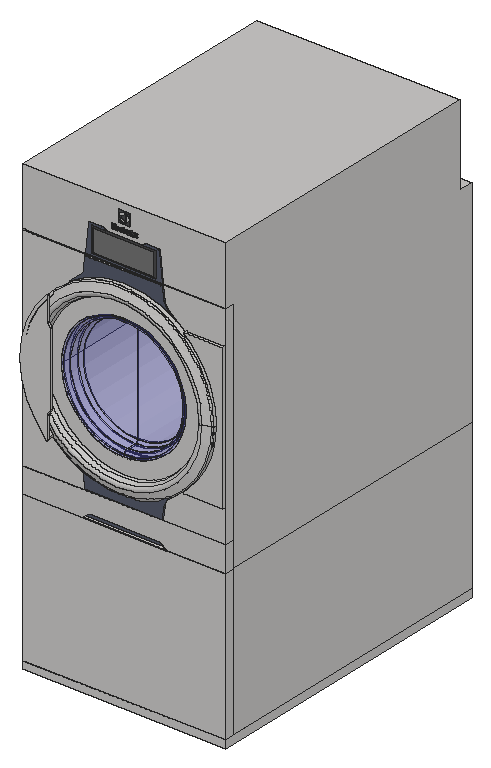
Revit family "QF_ELECTROLUXPROFESSIONAL_1L059Z_TD6-20_HP", category Attrezzature speciali, Revit 2021
Family settings
  Quota connettore circolare = Usa diametro
  Tipo di parte = Normale
  Basato su piano di lavoro = No
  Sempre verticale = Sì
  Taglio con vuoti quando caricato = No
  Condiviso = No
  Punto di calcolo locali = No
Parameters (values of type "9873830196")
  Weight = 308
  Watts = 5500 W
  Volts = 240 V
  URL = "www.electroluxprofessional.com"
  Steam Pounds per Hour = 0
  Show Logo [instance] = yes
  Show Clearance [instance] = yes
  Sensible Heat Output = "0.0"
  Prospetto di default = 0 mm
  Produttore = "Electrolux Professional"
  Phase = 1
  Modello = "TD6-20"
  Length Actual = 790 mm
  Latent Heat Output = "0.0"
  Item Number = "1LSNZ8"
  Height Actual = 1771 mm
  Gas KW = 0
  Direct Waste Size [instance] = 31.75 mm
  Descrizione = "TUMBLE DRYER TD6-20 20KG GALVA.DRUM HEAT PUMP 220-240/50/1N COMPASS PRO 6G81 EU SILVER DO.LEFT MB STOP DISCON."
  Depth Actual = 1232 mm
  Cycle = 50 Hz
  Corrente [instance] = "25.0"
Types (26, lengths in mm): name | Weight | Watts | Volts | Phase | Item Number | Descrizione | Depth Actual | Cycle | Corrente
  (no name) | 308 | 5500 W | 240 V | 1 | "1LSNZ8" | "TUMBLE DRYER TD6-20 20KG GALVA.DRUM HEAT PUMP 220-240/50/1N COMPASS PRO 6G81 EU SILVER DO.LEFT MB STOP DISCON." | 1232 | 50 Hz | "25.0"
  9873830017 | 308 | 6500 W | 415 V | 3 | "1L0E9E" | "TUMBLE DRYER TD6-20 20KG SST DRUM HEAT PUMP 380-415/50/3N COMPASS PRO 6G81 SE SST DO.LEFT.INS. MB STOP" | 1232 | 50 Hz | "9.9"
  9873830274 | 243 | 5500 W | 220 V | 1 | "1L0H3A" | "TUMBLE DRYER TD6-20 20KG GALVA.DRUM HEAT PUMP 220/60/1N COMPASS PRO 6G81 EU SILVER DO.LEFT MB STOP DISCON." | 1202 | 60 Hz | "0.0"
  9873830264 | 243 | 6500 W | 415 V | 3 | "1LSPSX" | "TUMBLE DRYER TD6-20 20KG GALVA.DRUM HEAT PUMP 380-415/50/3N COMPASS PRO 6G81 EU SILVER DO.RIGHT MB DSC STOP DISCON." | 1202 | 50 Hz | "0.0"
  9873830237 | 308 | 6500 W | 400 V | 3 | "1LSPG0" | "TUMBLE DRYER TD6-20 20KG GALVA.DRUM HEAT PUMP 400/50/3 COMPASS PRO 6G81 EU SILVER DO.RIGHT.INS. MB DSC STOP DISCON." | 1232 | 50 Hz | "9.4"
  9873830138 | 308 | 6500 W | 415 V | 3 | "1LSNBD" | "TUMBLE DRYER TD6-20 20KG SST DRUM HEAT PUMP 380-415/50/3N COMPASS PRO 6G81 EU SILVER DO.LEFT MB STOP DISCON." | 1232 | 50 Hz | "9.9"
  9873830287 | 243 | 5500 W | 200 V | 1 | "1L0H99" | "TUMBLE DRYER TD6-20 20KG SST DRUM HEAT PUMP 200/50/1 COMPASS PRO 6L85 JP SILVER DO.RIGHT.INS. ELS-NETW. DISCON. 2.I/O" | 1202 | 50 Hz | "0.0"
  9873830168 | 308 | 6500 W | 440 V | 3 | "1LSNLX" | "TUMBLE DRYER TD6-20 20KG GALVA.DRUM HEAT PUMP 440/60/3 COMPASS PRO 6G81 EU SILVER DO.LEFT.INS. MB STOP DISCON." | 1232 | 60 Hz | "8.5"
  9873830282 | 243 | 5500 W | 200 V | 1 | "1L0H85" | "TUMBLE DRYER TD6-20 20KG SST DRUM HEAT PUMP 200/60/1 COMPASS PRO 6G85 JP SILVER DO.RIGHT.INS. ELS-NETW. MB DISCON." | 1202 | 60 Hz | "0.0"
  9873830049 | 308 | 6500 W | 400 V | 3 | "1L0EFL" | "TUMBLE DRYER TD6-20 20KG GALVA.DRUM HEAT PUMP 400/50/3N COMPASS PRO 6A81 SE SILVER DO.LEFT.INS. MB STOP" | 1232 | 50 Hz | "9.4"
  9873830074 | 308 | 6500 W | 400 V | 3 | "1L80DX" | "TUMBLE DRYER TD6-20 20KG GALVA.DRUM HEAT PUMP 400/50/3 COMPASS PRO 6L80 EU SILVER DO.RIGHT EXT.PM. DISCON. 2.I/O" | 1232 | 50 Hz | "9.4"
  9873830142 | 308 | 6500 W | 415 V | 3 | "1LSND1" | "TUMBLE DRYER TD6-20 20KG SST DRUM HEAT PUMP 380-415/50/3N COMPASS PRO 6G81 EU SILVER DO.RIGHT MB STOP DISCON." | 1232 | 50 Hz | "9.9"
  9873830295 | 243 | 6500 W | 415 V | 3 | "1LA263" | "TUMBLE DRYER TD6-20 20KG SST DRUM HEAT PUMP 380-415/50/3N COMPASS PRO 6G81 EU SST DO.LEFT.INS. MB STOP DISCON." | 1202 | 50 Hz | "0.0"
  9873830107 | 308 | 6500 W | 415 V | 3 | "1L80HA" | "TUMBLE DRYER TD6-20 20KG GALVA.DRUM HEAT PUMP 380-415/50/3N COMPASS PRO 6G81 EU SILVER DO.RIGHT MB STOP DISCON." | 1232 | 50 Hz | "9.9"
  9873830157 | 308 | 6500 W | 415 V | 3 | "1L0FW4" | "TUMBLE DRYER TD6-20 20KG SST DRUM HEAT PUMP 380-415/50/3N COMPASS PRO 6G81 EU SILVER DO.RIGHT.INS. MB STOP DISCON." | 1232 | 50 Hz | "9.9"
  9873830016 | 308 | 5500 W | 240 V | 1 | "1L0E9D" | "TUMBLE DRYER TD6-20 20KG GALVA.DRUM HEAT PUMP 220-240/50/1N COMPASS PRO 6G81 EU SILVER DO.RIGHT.INS. MB STOP DISCON." | 1232 | 50 Hz | "25.0"
  9873830263 | 243 | 6500 W | 415 V | 3 | "1L0H2D" | "TUMBLE DRYER TD6-20 20KG GALVA.DRUM HEAT PUMP 380-415/50/3N COMPASS PRO 6G81 EU SILVER DO.RIGHT.INS. MB DSC STOP DISCON." | 1202 | 50 Hz | "0.0"
  9873830174 | 308 | 5500 W | 240 V | 1 | "1L0FZB" | "TUMBLE DRYER TD6-20 20KG GALVA.DRUM HEAT PUMP 220-240/50/1N COMPASS PRO 6L80 EU SILVER DO.LEFT EXT.PM. DISCON. 2.I/O" | 1232 | 50 Hz | "25.0"
  9873830095 | 308 | 6500 W | 400 V | 3 | "1L80FK" | "TUMBLE DRYER TD6-20 20KG GALVA.DRUM HEAT PUMP 400/60/3 COMPASS PRO 6G81 EU SILVER DO.RIGHT MB STOP DISCON." | 1232 | 60 Hz | "9.4"
  9873830261 | 243 | 6500 W | 400 V | 3 | "1LSPRV" | "TUMBLE DRYER TD6-20 20KG SST DRUM HEAT PUMP 400/50/3 COMPASS PRO 6G81 EU SILVER DO.RIGHT.INS. MB DSC STOP DISCON." | 1202 | 50 Hz | "0.0"
  9873830291 | 243 | 5500 W | 200 V | 1 | "1L0HAD" | "TUMBLE DRYER TD6-20 20KG SST DRUM HEAT PUMP 200/60/1 COMPASS PRO 6L85 JP SILVER DO.RIGHT.INS. ELS-NETW. DISCON. 2.I/O" | 1202 | 60 Hz | "0.0"
  9873830281 | 243 | 5500 W | 200 V | 1 | "1L0H84" | "TUMBLE DRYER TD6-20 20KG SST DRUM HEAT PUMP 200/50/1 COMPASS PRO 6G85 JP SILVER DO.RIGHT.INS. ELS-NETW. MB DISCON." | 1202 | 50 Hz | "0.0"
  9873830106 | 308 | 6500 W | 415 V | 3 | "1L80GY" | "TUMBLE DRYER TD6-20 20KG GALVA.DRUM HEAT PUMP 380-415/50/3N COMPASS PRO 6L80 EU SILVER DO.LEFT EXT.PM. DISCON. 2.I/O" | 1232 | 50 Hz | "9.9"
  9873830018 | 308 | 6500 W | 415 V | 3 | "1L0E9F" | "TUMBLE DRYER TD6-20 20KG GALVA.DRUM HEAT PUMP 380-415/50/3N COMPASS PRO 6G81 EU SILVER DO.RIGHT.INS. MB STOP DISCON." | 1232 | 50 Hz | "9.9"
  9873830209 | 308 | 6500 W | 415 V | 3 | "1L0GB5" | "TUMBLE DRYER TD6-20 20KG GALVA.DRUM HEAT PUMP 380-415/50/3N COMPASS PRO 6G81 EU SILVER DO.RIGHT MB STOP DISCON." | 1232 | 50 Hz | "9.9"
  9873830196 | 308 | 5500 W | 240 V | 1 | "1LSNZ8" | "TUMBLE DRYER TD6-20 20KG GALVA.DRUM HEAT PUMP 220-240/50/1N COMPASS PRO 6G81 EU SILVER DO.LEFT MB STOP DISCON." | 1232 | 50 Hz | "25.0"
Reference planes
  plane 1: z = 0
  plane 2 "BACK": y = 677.5
  plane 3 "FRONT": y = -549.5
  plane 4 "LEFT": x = -799
  plane 5 "RIGHT": x = -6
  plane 6 "TOP": z = 1771
  plane 7: y = -601.5
  plane 8: y = -1323.5
Forms (mm)
  Extrusion 1, solid, material "QF_Finishes_Stainless Steel"
    sketch origin (718.1, -398.1, 598.796) x (0, 0, -1) y (0, 1, 0)
      loop
        line (-14.704, 1050.6) -> (-855.66, 1050.6) -> (-855.66, 994.6) -> (-941.204, 994.6) -> (-941.204, -115.453) -> (-14.704, -115.453) -> (-14.704, 1050.6)
    from -1517.1 to -724.1
  Extrusion 2, solid, material "QF_Finishes_Stainless Steel"
    sketch origin (718.1, -368.1, 598.796) x (0, 0, -1) y (0, 1, 0)
      loop
        line (568.796, -145.453) -> (568.796, 1020.6) -> (-14.704, 1020.6) -> (-14.704, -145.453) -> (568.796, -145.453)
    from -1517.1 to -724.1
  Sweep 3, solid, material "QF_Finishes_Black"
    path origin (686.327, -549.5, 1684.42) x (0, 0, -1) y (1, 0, 0)
      loop
        line (131.445, -962.809) -> (32.707, -962.809) -> (32.707, -1214.809) -> (131.445, -1214.809) -> (131.445, -962.809)
    profile origin (-276.482, -549.5, 1602.344) x (-1, 0, 0) y (0, -1, 0)
      loop
        line (5, 0) -> (5, 5)
        arc (5, 5) -> (1.464, 3.536) -> (0, 0) r 5
        line (0, 0) -> (5, 0)
  Extrusion 4, solid, material "QF_Finishes_Dark Grey"
    sketch origin (686.327, -549.5, 1684.42) x (0, 0, -1) y (1, 0, 0)
      loop
        line (126.445, -1209.809) -> (126.445, -967.809) -> (37.707, -967.809) -> (37.707, -1209.809) -> (126.445, -1209.809)
    from 0 to 4
  Extrusion 5, void
    sketch origin (889, -517.06, 1195.994) x (0, 0, -1) y (1, 0, 0)
      loop
        circle (69.994, -1291.5) r 245
    from -451.9 to 33.109
  Extrusion 6, solid, material "QF_Finishes_Stainless Steel"
    sketch origin (718.1, 596.5, 1540) x (0, 0, -1) y (-1, 0, 0)
      loop
        circle (43, 834.1) r 12.7
    from 0 to 5
  Extrusion 7, solid, material "QF_Finishes_Stainless Steel"
    sketch origin (718.1, 652.5, 1454.455) x (0, 0, -1) y (-1, 0, 0)
      loop
        circle (1331.455, 1255.1) r 12.7
    from 0 to 25
  Extrusion 8, solid, material "QF_Finishes_Stainless Steel"
    sketch origin (-499, 0, 0) x (0, 1, 0) y (0, 0, 1)
      loop
        line (596.5, 1540) -> (596.5, 1771) -> (-549.5, 1771) -> (-549.5, 1541.816)
        arc (-549.5, 1541.816) -> (-548.968, 1540.532) -> (-547.684, 1540) r 1.816
        line (-547.684, 1540) -> (596.5, 1540)
    from -300 to 493
  Extrusion 9, solid, material "QF_Finishes_Stainless Steel"
    sketch origin (0, 0, 1114.3) x (-1, 0, 0) y (0, -1, 0)
      loop
        line (799, -652.5) -> (799, 549.5) -> (6, 549.5) -> (6, -652.5) -> (799, -652.5)
    from -1114.3 to -1084.3
  Extrusion 10, solid, material "QF_Finishes_Stainless Steel"
    sketch origin (-499, -118.96, 0) x (0, 1, 0) y (0, 0, 1)
      loop
        line (-394.593, 1540) -> (-430.54, 1540) -> (-430.54, 713.5) -> (-394.593, 713.5) -> (-394.593, 1540)
    from -300 to 493
  Extrusion 11, solid, material "QF_Finishes_Stainless Steel"
    sketch origin (-499, -118.96, 0) x (0, 1, 0) y (0, 0, 1)
      loop
        line (-430.54, 713.5) -> (-430.54, 613.5) -> (-394.593, 613.5) -> (-394.593, 713.5) -> (-430.54, 713.5)
    from -300 to 493
  Extrusion 12, solid, material "QF_Finishes_Stainless Steel"
    sketch origin (-499, -118.96, 0) x (0, 1, 0) y (0, 0, 1)
      loop
        line (-394.593, 613.5) -> (-430.54, 613.5) -> (-430.54, 30) -> (-394.593, 30) -> (-394.593, 613.5)
    from -300 to 493
  Sweep 13, solid, material "QF_Finishes_Stainless Steel"
    path origin (-409, -549.5, 1444.576) x (0, 0, -1) y (1, 0, 0)
      loop
        circle (318.576, 6.5) r 366.295
    profile origin (-402.5, -549.5, 1492.295) x (0, 0, -1) y (0, -1, 0)
      loop
        line (0, 0) -> (60.401, 0)
        arc (60.401, 0) -> (59.825, 6.814) -> (57.535, 13.257) r 26.651
        line (57.535, 13.257) -> (49.537, 28.994)
        arc (49.537, 28.994) -> (42.511, 35.32) -> (33.058, 35.302) r 13.156
        line (33.058, 35.302) -> (4.309, 24.168)
        arc (4.309, 24.168) -> (1.18, 21.691) -> (0, 17.88) r 6.744
        line (0, 17.88) -> (0, 0)
  Extrusion 14, solid, material "QF_Finishes_Stainless Steel"
    sketch origin (889, -689.525, 1195.994) x (0, 0, -1) y (1, 0, 0)
      loop
        line (353.669, -897.598) -> (-212.997, -897.549) -> (-213.01, -1046.361)
        arc (-213.01, -1046.361) -> (-212.131, -1048.481) -> (-210.011, -1049.36) r 2.999
        line (-210.011, -1049.36) -> (-204.852, -1049.36)
        arc (-204.852, -1049.36) -> (-80.8, -957.683) -> (69.994, -925.205) r 366.295
        arc (69.994, -925.205) -> (220.927, -957.746) -> (345.042, -1049.589) r 366.295
        line (345.042, -1049.589) -> (350.683, -1049.589)
        arc (350.683, -1049.589) -> (352.804, -1048.711) -> (353.682, -1046.59) r 2.999
        line (353.682, -1046.59) -> (353.669, -897.598)
    from -140.025 to -130.025
  Revolve 15, solid, material "QF_Door-Drawer Clearances", visible <- "Show Clearance", detail levels coarse
    sketch origin (889, -601.5, 1195.994) x (0, 0, -1) y (1, 0, 0)
      loop
        circle (69.994, -1291.5) r 366.295
      axis (69.994, -924.023) -> (68.994, -924.023)
    angle from 0 to -90
  Revolve 16, solid, material "QF_Finishes_Glass"
    sketch origin (-402.863, -289.313, 555.02) x (0, 1, 0) y (0, 0, 1)
      loop
        arc (-190.673, 783.338) -> (-195.066, 793.945) -> (-205.673, 798.338) r 15
        line (-205.673, 798.338) -> (-244.95, 798.338)
        arc (-244.95, 798.338) -> (-252.021, 801.267) -> (-254.95, 808.338) r 10
        line (-254.95, 808.338) -> (-254.95, 816.338) -> (-259.95, 816.338) -> (-259.95, 808.338)
        arc (-259.95, 808.338) -> (-255.556, 797.732) -> (-244.95, 793.338) r 15
        line (-244.95, 793.338) -> (-205.673, 793.338)
        arc (-205.673, 793.338) -> (-198.602, 790.409) -> (-195.673, 783.338) r 10
        line (-195.673, 783.338) -> (-195.673, 570.975) -> (-190.673, 570.975) -> (-190.673, 783.338)
      axis (-259.95, 570.975) -> (-190.673, 570.975)
    angle from 0 to 360
  Extrusion 17, solid, material "QF_Finishes_Stainless Steel"
    sketch origin (-529, -549.5, 1444.576) x (0, 0, -1) y (1, 0, 0)
      loop
        arc (176.622, -119.08) -> (174.216, -119.45) -> (172.033, -120.527) r 8
        line (172.033, -120.527) -> (158.099, -130.284)
        arc (158.099, -130.284) -> (155.934, -131.338) -> (153.554, -131.7) r 8
        line (153.554, -131.7) -> (65.736, -131.7)
        arc (65.736, -131.7) -> (63.285, -133.352) -> (63.896, -136.244) r 2.645
        arc (63.896, -136.244) -> (318.617, -239.419) -> (573.315, -136.187) r 365.919
        arc (573.315, -136.187) -> (573.918, -133.331) -> (571.497, -131.7) r 2.612
        line (571.497, -131.7) -> (483.599, -131.7)
        arc (483.599, -131.7) -> (481.193, -131.33) -> (479.01, -130.253) r 8
        line (479.01, -130.253) -> (465.119, -120.527)
        arc (465.119, -120.527) -> (462.936, -119.45) -> (460.53, -119.08) r 8
        line (460.53, -119.08) -> (176.622, -119.08)
    from 47.713 to 52
  Extrusion 18, solid, material "QF_Finishes_Stainless Steel"
    sketch origin (-529, -601.5, 1444.576) x (0, 0, -1) y (1, 0, 0)
      loop
        arc (63.896, -136.244) -> (318.617, -239.419) -> (573.315, -136.187) r 365.919
        line (573.315, -136.187) -> (563.547, -131.7)
        arc (563.547, -131.7) -> (318.584, -229.419) -> (73.616, -131.711) r 355.919
        line (73.616, -131.711) -> (63.896, -136.244)
    from -4.287 to -34.753
  Extrusion 19, void
    sketch origin (-401.334, -549.5, 611.842) x (0, 0, 1) y (1, 0, 0)
      loop
        arc (1.908, -169.725) -> (2.027, -168.962) -> (2.374, -168.272) r 2.499
        line (2.374, -168.272) -> (21.699, -140.672)
        arc (21.699, -140.672) -> (23.335, -137.382) -> (23.898, -133.751) r 11.994
        line (23.898, -133.751) -> (23.897, 130.467)
        arc (23.897, 130.467) -> (23.336, 134.095) -> (21.703, 137.383) r 11.994
        line (21.703, 137.383) -> (2.374, 164.988)
        arc (2.374, 164.988) -> (2.027, 165.678) -> (1.908, 166.441) r 2.499
        line (1.908, 166.441) -> (1.908, -169.725)
    from 0 to 13.427
  Extrusion 20, solid, material "QF_Finishes_Blue"
    sketch origin (-499, -549.5, 893.425) x (0, 0, 1) y (-1, 0, 0)
      loop
        arc (767.274, 37.584) -> (765.819, 41.099) -> (762.304, 42.555) r 4.971
        line (762.304, 42.555) -> (650.575, 54.795) -> (650.575, -247.832) -> (761.659, -235.663)
        arc (761.659, -235.663) -> (765.63, -234.018) -> (767.274, -230.047) r 5.615
        line (767.274, -230.047) -> (767.274, -186.505)
        arc (767.274, -186.505) -> (766.484, -180.953) -> (764.209, -175.828) r 20.351
        line (764.209, -175.828) -> (758.288, -166.304) -> (758.288, -222.518) -> (659.55, -222.518) -> (659.55, 29.482) -> (758.288, 29.482) -> (758.288, -26.732) -> (764.209, -17.208)
        arc (764.209, -17.208) -> (766.483, -12.086) -> (767.274, -6.538) r 20.35
        line (767.274, -6.538) -> (767.274, 37.584)
    from 0 to 1.6
  Extrusion 21, solid, material "QF_Finishes_Blue"
    sketch origin (-499, -549.5, 893.425) x (0, 0, 1) y (-1, 0, 0)
      loop
        arc (594.486, 60.933) -> (579.244, 65.533) -> (566.695, 75.331) r 43.3
        line (566.695, 75.331) -> (532.276, 114.098)
        arc (532.276, 114.098) -> (598.87, -96.026) -> (532.82, -306.322) r 366.295
        line (532.82, -306.322) -> (566.695, -268.167)
        arc (566.695, -268.167) -> (579.244, -258.37) -> (594.486, -253.77) r 43.3
        line (594.486, -253.77) -> (642.075, -248.6) -> (642.075, 55.764) -> (594.486, 60.933)
    from 0 to 1.6
  Extrusion 22, solid, material "QF_Finishes_Blue"
    sketch origin (-499, -549.5, 893.425) x (0, 0, 1) y (-1, 0, 0)
      loop
        line (-129.403, 60.926) -> (-176.925, 55.764) -> (-176.925, -248.6) -> (-129.403, -253.763)
        arc (-129.403, -253.763) -> (-114.123, -258.355) -> (-101.544, -268.169) r 43.3
        line (-101.544, -268.169) -> (-67.671, -306.321)
        arc (-67.671, -306.321) -> (-133.72, -96.026) -> (-67.127, 114.098) r 366.295
        line (-67.127, 114.098) -> (-101.544, 75.332)
        arc (-101.544, 75.332) -> (-114.123, 65.518) -> (-129.403, 60.926) r 43.3
    from 0 to 1.6
Cuts and joins
  Extrusion 5 cuts Extrusion 1
  Extrusion 5 cuts Extrusion 8
  joined: Extrusion 1, Extrusion 8
  Extrusion 5 cuts Extrusion 10
  Extrusion 19 cuts Extrusion 11
  joined: Sweep 13, Extrusion 14, Extrusion 17, Extrusion 18
Lines and regions (mm)
  Split face 1
    outline origin (-6, -549.5, 1540) x (-1, 0, 0) y (0, 0, -1)
      loop
        circle (396.5, 414) r 305.895
  symbolic lines
    curve 1: line (-6, 652.5, 1771) -> (-799, 652.5, 1771)
    curve 2: line (-799, -549.5, 1771) -> (-6, -549.5, 1771)
    curve 3: line (-6, 652.5, 0) -> (-6, -549.5, 0)
    curve 4: line (-799, 652.5, 0) -> (-799, -549.5, 0)
    curve 6: line (-6, 596.5, 0) -> (-799, 596.5, 0)
  symbolic lines, style "QF_Door-Drawer Clearances", visible <- "Show Clearance"
    curve 5: line (-6, -1323.5, 0) -> (-6, -549.5, 0)
    curve 7: arc (-768.795, -549.5, 0) -> (-549.88, -1096.63, 0) -> (-6, -1323.5, 0) r 761.144
  symbolic lines, style "SpecialityEquipment"
    curve 8: line (-8.549, -559.5, 0) -> (-8.549, -549.5, 0)
    curve 9: line (-160.36, -559.5, 0) -> (-8.549, -559.5, 0)
    curve 10: line (-160.36, -549.5, 0) -> (-160.36, -559.5, 0)
    curve 11: line (-768.419, -601.5, 0) -> (-659.284, -601.5, 0)
    curve 12: line (-659.284, -597.213, 0) -> (-758.419, -597.213, 0)
    curve 13: line (-758.419, -569.602, 0) -> (-758.419, -597.213, 0)
    curve 14: line (-659.284, -597.213, 0) -> (-659.284, -601.5, 0)
    curve 15: line (-768.419, -569.602, 0) -> (-758.419, -569.602, 0)
    curve 16: line (-74.013, -585.689, 0) -> (-758.419, -585.689, 0)
    curve 17: line (-768.419, -569.602, 0) -> (-768.419, -601.5, 0)
    curve 18: line (-40.513, -573.668, 0) -> (-758.419, -573.668, 0)
    curve 19: line (-768.795, -549.5, 0) -> (-768.795, -567.38, 0)
    curve 20: arc (-768.795, -567.38, 0) -> (-768.701, -568.507, 0) -> (-768.419, -569.602, 0) r 6.744
    curve 21: line (-36.205, -559.5, 0) -> (-36.205, -567.38, 0)
    curve 22: line (-40.513, -573.668, 0) -> (-69.262, -584.802, 0)
    curve 23: arc (-36.205, -567.38, 0) -> (-37.385, -571.191, 0) -> (-40.513, -573.668, 0) r 6.744
    curve 24: arc (-74.013, -585.689, 0) -> (-71.597, -585.465, 0) -> (-69.262, -584.802, 0) r 13.156
    curve 25: line (-524.3, 677.5, 0) -> (-549.7, 677.5, 0)
    curve 26: line (-549.7, 677.5, 0) -> (-549.7, 652.5, 0)
    curve 27: line (-524.3, 677.5, 0) -> (-524.3, 652.5, 0)
Dimensions and locks
  plane 4 "LEFT" to plane 5 "RIGHT" = 793 mm
  plane 2 "BACK" to plane 3 "FRONT" = 1227 mm
  plane 6 "TOP" to level = 1771 mm
  Extrusion 6 sketch curve to plane 6 "TOP" = 274 mm
  plane 5 "RIGHT" to Extrusion 6 sketch curve = 110 mm
  level to Extrusion 7 sketch curve = 123 mm
  Extrusion 7 sketch curve to plane 4 "LEFT" = 262 mm
  plane 2 "BACK" to plane 7 = 1279 mm
  plane 2 "BACK" to plane 8 = 2001 mm
  aligned and locked: level to plane 1
  aligned and locked: Extrusion 1 to plane 4 "LEFT"
  aligned and locked: plane 5 "RIGHT" to Extrusion 1
  aligned and locked: Extrusion 2 to plane 4 "LEFT"
  aligned and locked: plane 5 "RIGHT" to Extrusion 2
  aligned and locked: plane 5 "RIGHT" to Extrusion 8
  aligned and locked: Extrusion 8 to plane 4 "LEFT"
  aligned and locked: plane 5 "RIGHT" to Extrusion 12
  aligned and locked: Extrusion 12 to plane 4 "LEFT"
  aligned and locked: Extrusion 11 to plane 4 "LEFT"
  aligned and locked: plane 5 "RIGHT" to Extrusion 11
  aligned and locked: Extrusion 10 to plane 4 "LEFT"
  aligned and locked: plane 5 "RIGHT" to Extrusion 10
  aligned and locked: Extrusion 18 to Extrusion 17
Nested families
  nested 1: "ELX_Logo_S_New" at (-415.511, -549.5, 1674.59) x (1, 0, 0) z (0, -1, 0), visible <- "Show Logo", type "ELX_Logo_S_New"
    with Material QF_Finishes_Black
  nested 2: "ELX_Logo_Symbol_S" at (-394.886, -549.5, 1729.274) x (-1, 0, 0) z (0, -1, 0), visible <- "Show Logo", type "ELX_Logo_Symbol_S"
    with Material QF_Finishes_Black
Connectors
  piping at (-537, 677.5, 123), diameter 25.4
    settings: on Extrusion 7, index 3, connector inside diameter 609.6 mm, connector length 0 mm, flow factor 0, pipe flow 0.0 L/s, pressure drop 0.0 Pa, fitting loss kfactor 0, connector angle 0.00°, fixture units 0, engagement length 0 mm, angle of deflection 0.00°, flow configuration 1, flow direction 2, fitting loss method 0, system type 7, joint type 0, gender type 0, connector reference index -1, connector utility 0, adjustable connector no, is connector primary yes, connector description "Condensation"
  electrical at (-116, 601.5, 1497)
    settings: on Extrusion 6, index 4, voltage 0 V, apparent load 0 VA, apparent load phase1 0 VA, apparent load phase2 0 VA, apparent load phase3 0 VA, power factor 1, load classification "Other", number of poles 1, system type 30, power factor state 1, is connector primary yes, connector utility no, sub classification motor no, connector description "Electrical Connection"
Definition of nested family "ELX_Logo_S_New"
  Parameters
    Material [instance] = none
    Default Elevation = 0 mm
  Reference planes
    plane 1 "Centro (Fronte/Retro)": y = 0
    plane 2: z = 0
    plane 3 "Centro (Sinistra/Destra)": x = 0
  Forms (mm)
    Extrusion 1, solid
      sketch origin (0, 0, 0) x (1, 0, 0) y (0, 1, 0)
        loop
          line (-1219.2, 1219.2) -> (-1219.2, -1219.2) -> (1219.2, -1219.2) -> (1219.2, 1219.2) -> (-1219.2, 1219.2)
      from 0 to -304.8
    Extrusion 2, solid, material <- "Material"
      sketch origin (0, 0, 0) x (1, 0, 0) y (0, 1, 0)
        loop
          spline (-31.006, -2.781) -> (-31.24, -2.771) -> (-31.49, -2.739) -> (-31.748, -2.68) -> (-32.009, -2.591) -> (-32.264, -2.469) -> (-32.508, -2.308) -> (-32.732, -2.105) -> (-32.932, -1.857) -> (-33.099, -1.559) -> (-33.226, -1.207) -> (-33.308, -0.798) -> (-33.337, -0.327)
          line (-33.337, -0.327) -> (-33.337, 1.761) -> (-26.444, 1.761) -> (-26.444, 4.423) -> (-33.338, 4.423) -> (-33.338, 8.299) -> (-26.005, 8.299) -> (-26.005, 10.954) -> (-36.159, 10.954) -> (-36.159, -0.206)
          spline (-36.159, -0.206) -> (-36.134, -0.893) -> (-36.057, -1.54) -> (-35.927, -2.145) -> (-35.743, -2.707) -> (-35.503, -3.222) -> (-35.206, -3.689) -> (-34.85, -4.106) -> (-34.433, -4.47) -> (-33.955, -4.779) -> (-33.414, -5.031) -> (-32.809, -5.223) -> (-32.137, -5.354)
          line (-32.137, -5.354) -> (-31.029, -5.433) -> (-25.809, -5.433) -> (-25.809, -2.781) -> (-31.006, -2.781)
        loop
          line (-23.804, 3.211) -> (-23.804, -5.437) -> (-20.982, -5.437) -> (-20.982, 10.958) -> (-23.804, 10.958) -> (-23.804, 3.211)
        loop
          spline (-7.052, -0.2) -> (-7.034, 0.688) -> (-7.119, 1.546) -> (-7.304, 2.368) -> (-7.586, 3.144) -> (-7.962, 3.868) -> (-8.426, 4.531) -> (-8.977, 5.126) -> (-9.61, 5.644) -> (-10.321, 6.077) -> (-11.107, 6.419) -> (-11.964, 6.66) -> (-12.889, 6.793)
          spline (-12.889, 6.793) -> (-13.767, 6.742) -> (-14.602, 6.592) -> (-15.387, 6.346) -> (-16.116, 6.008) -> (-16.782, 5.583) -> (-17.379, 5.073) -> (-17.902, 4.483) -> (-18.343, 3.816) -> (-18.697, 3.077) -> (-18.958, 2.269) -> (-19.119, 1.395) -> (-19.174, 0.46)
          spline (-19.174, 0.46) -> (-19.121, -0.452) -> (-18.964, -1.304) -> (-18.71, -2.094) -> (-18.362, -2.816) -> (-17.926, -3.468) -> (-17.406, -4.045) -> (-16.808, -4.544) -> (-16.137, -4.96) -> (-15.397, -5.291) -> (-14.594, -5.532) -> (-13.733, -5.679) -> (-12.817, -5.729)
          spline (-12.817, -5.729) -> (-12.371, -5.719) -> (-11.93, -5.685) -> (-11.493, -5.626) -> (-11.062, -5.54) -> (-10.636, -5.425) -> (-10.216, -5.277) -> (-9.8, -5.096) -> (-9.391, -4.879) -> (-8.987, -4.623) -> (-8.588, -4.326) -> (-8.196, -3.987) -> (-7.809, -3.603)
          line (-7.809, -3.603) -> (-9.51, -1.949)
          spline (-9.51, -1.949) -> (-9.734, -2.164) -> (-9.959, -2.362) -> (-10.188, -2.542) -> (-10.422, -2.703) -> (-10.662, -2.846) -> (-10.913, -2.971) -> (-11.174, -3.077) -> (-11.449, -3.163) -> (-11.739, -3.231) -> (-12.047, -3.28) -> (-12.374, -3.309) -> (-12.723, -3.319)
          spline (-12.723, -3.319) -> (-13.234, -3.294) -> (-13.713, -3.219) -> (-14.158, -3.098) -> (-14.568, -2.931) -> (-14.94, -2.72) -> (-15.272, -2.469) -> (-15.562, -2.177) -> (-15.809, -1.849) -> (-16.009, -1.485) -> (-16.162, -1.088) -> (-16.264, -0.659) -> (-16.314, -0.2)
          line (-16.314, -0.2) -> (-7.052, -0.2)
        loop
          spline (-9.888, 1.784) -> (-9.915, 2.133) -> (-9.995, 2.469) -> (-10.124, 2.788) -> (-10.298, 3.088) -> (-10.514, 3.365) -> (-10.768, 3.615) -> (-11.056, 3.836) -> (-11.376, 4.024) -> (-11.722, 4.176) -> (-12.092, 4.289) -> (-12.482, 4.359) -> (-12.889, 4.383)
          spline (-12.889, 4.383) -> (-13.325, 4.36) -> (-13.744, 4.291) -> (-14.144, 4.18) -> (-14.52, 4.03) -> (-14.868, 3.844) -> (-15.186, 3.624) -> (-15.469, 3.375) -> (-15.715, 3.099) -> (-15.919, 2.798) -> (-16.077, 2.477) -> (-16.186, 2.138) -> (-16.243, 1.784)
          line (-16.243, 1.784) -> (-9.888, 1.784)
        loop
          spline (-2.737, 0.532) -> (-2.704, 1.057) -> (-2.61, 1.555) -> (-2.457, 2.022) -> (-2.249, 2.455) -> (-1.991, 2.851) -> (-1.685, 3.205) -> (-1.336, 3.514) -> (-0.948, 3.775) -> (-0.524, 3.984) -> (-0.067, 4.138) -> (0.417, 4.233) -> (0.926, 4.265)
          spline (0.926, 4.265) -> (1.238, 4.255) -> (1.537, 4.226) -> (1.824, 4.178) -> (2.098, 4.112) -> (2.362, 4.027) -> (2.615, 3.925) -> (2.858, 3.806) -> (3.093, 3.67) -> (3.318, 3.518) -> (3.536, 3.349) -> (3.746, 3.165) -> (3.95, 2.966)
          line (3.95, 2.966) -> (5.699, 4.785)
          spline (5.699, 4.785) -> (5.351, 5.133) -> (4.992, 5.446) -> (4.624, 5.724) -> (4.246, 5.969) -> (3.859, 6.181) -> (3.463, 6.362) -> (3.059, 6.512) -> (2.646, 6.633) -> (2.226, 6.725) -> (1.8, 6.79) -> (1.366, 6.828) -> (0.926, 6.841)
          spline (0.926, 6.841) -> (0.044, 6.786) -> (-0.801, 6.626) -> (-1.601, 6.367) -> (-2.349, 6.014) -> (-3.037, 5.573) -> (-3.658, 5.051) -> (-4.204, 4.453) -> (-4.668, 3.785) -> (-5.041, 3.053) -> (-5.318, 2.263) -> (-5.489, 1.421) -> (-5.548, 0.532)
          spline (-5.548, 0.532) -> (-5.489, -0.357) -> (-5.318, -1.199) -> (-5.041, -1.989) -> (-4.668, -2.721) -> (-4.204, -3.389) -> (-3.658, -3.987) -> (-3.037, -4.509) -> (-2.349, -4.95) -> (-1.601, -5.303) -> (-0.801, -5.562) -> (0.044, -5.722) -> (0.926, -5.777)
          spline (0.926, -5.777) -> (1.366, -5.764) -> (1.8, -5.726) -> (2.226, -5.662) -> (2.646, -5.569) -> (3.059, -5.449) -> (3.463, -5.298) -> (3.859, -5.117) -> (4.246, -4.905) -> (4.624, -4.66) -> (4.992, -4.382) -> (5.351, -4.069) -> (5.699, -3.721)
          line (5.699, -3.721) -> (3.95, -1.902)
          spline (3.95, -1.902) -> (3.746, -2.101) -> (3.536, -2.285) -> (3.318, -2.453) -> (3.093, -2.606) -> (2.858, -2.742) -> (2.615, -2.861) -> (2.362, -2.964) -> (2.098, -3.048) -> (1.824, -3.114) -> (1.537, -3.162) -> (1.238, -3.191) -> (0.926, -3.201)
          spline (0.926, -3.201) -> (0.417, -3.169) -> (-0.067, -3.074) -> (-0.524, -2.92) -> (-0.948, -2.711) -> (-1.336, -2.45) -> (-1.685, -2.141) -> (-1.991, -1.787) -> (-2.249, -1.391) -> (-2.457, -0.958) -> (-2.61, -0.491) -> (-2.704, 0.007) -> (-2.737, 0.532)
        loop
          spline (12.895, -2.785) -> (12.646, -2.789) -> (12.379, -2.77) -> (12.102, -2.724) -> (11.82, -2.646) -> (11.542, -2.531) -> (11.274, -2.376) -> (11.024, -2.175) -> (10.797, -1.924) -> (10.602, -1.618) -> (10.445, -1.253) -> (10.334, -0.824) -> (10.275, -0.327)
          line (10.275, -0.327) -> (10.275, 3.855) -> (12.842, 3.855) -> (12.842, 6.419) -> (10.278, 6.419) -> (10.278, 10.958) -> (7.456, 10.958) -> (7.456, -0.488)
          spline (7.456, -0.488) -> (7.516, -1.152) -> (7.626, -1.776) -> (7.785, -2.359) -> (7.996, -2.899) -> (8.26, -3.392) -> (8.577, -3.837) -> (8.951, -4.232) -> (9.38, -4.575) -> (9.868, -4.864) -> (10.415, -5.096) -> (11.023, -5.27) -> (11.693, -5.383)
          line (11.693, -5.383) -> (12.885, -5.437) -> (12.895, -2.785)
        loop
          spline (22.391, 6.583) -> (21.903, 6.613) -> (21.433, 6.605) -> (20.982, 6.558) -> (20.553, 6.476) -> (20.145, 6.358) -> (19.76, 6.207) -> (19.401, 6.022) -> (19.067, 5.807) -> (18.76, 5.561) -> (18.482, 5.286) -> (18.234, 4.984) -> (18.016, 4.655)
          line (18.016, 4.655) -> (18.016, 6.418) -> (15.217, 6.418) -> (15.217, -5.437) -> (18.016, -5.437) -> (18.016, 0.797)
          spline (18.016, 0.797) -> (18.042, 1.269) -> (18.118, 1.71) -> (18.242, 2.117) -> (18.412, 2.488) -> (18.627, 2.822) -> (18.884, 3.117) -> (19.182, 3.371) -> (19.518, 3.583) -> (19.892, 3.751) -> (20.3, 3.873) -> (20.742, 3.947) -> (21.215, 3.972)
          line (21.215, 3.972) -> (22.391, 3.855) -> (22.391, 6.583)
        loop
          spline (35.761, 0.49) -> (35.702, 1.36) -> (35.53, 2.189) -> (35.253, 2.971) -> (34.878, 3.698) -> (34.414, 4.364) -> (33.867, 4.963) -> (33.246, 5.488) -> (32.558, 5.932) -> (31.811, 6.289) -> (31.013, 6.552) -> (30.171, 6.715) -> (29.293, 6.771)
          spline (29.293, 6.771) -> (28.409, 6.715) -> (27.564, 6.552) -> (26.763, 6.289) -> (26.016, 5.932) -> (25.328, 5.488) -> (24.708, 4.963) -> (24.163, 4.364) -> (23.701, 3.698) -> (23.328, 2.971) -> (23.053, 2.189) -> (22.882, 1.36) -> (22.823, 0.49)
          spline (22.823, 0.49) -> (22.882, -0.379) -> (23.053, -1.208) -> (23.328, -1.989) -> (23.701, -2.716) -> (24.163, -3.382) -> (24.708, -3.981) -> (25.328, -4.506) -> (26.016, -4.951) -> (26.763, -5.308) -> (27.564, -5.571) -> (28.409, -5.734) -> (29.293, -5.79)
          spline (29.293, -5.79) -> (30.171, -5.734) -> (31.013, -5.571) -> (31.811, -5.308) -> (32.558, -4.951) -> (33.246, -4.506) -> (33.867, -3.981) -> (34.414, -3.382) -> (34.878, -2.716) -> (35.253, -1.989) -> (35.53, -1.208) -> (35.702, -0.379) -> (35.761, 0.49)
        loop
          spline (32.961, 0.49) -> (32.929, 1.004) -> (32.833, 1.493) -> (32.679, 1.955) -> (32.47, 2.385) -> (32.21, 2.779) -> (31.903, 3.134) -> (31.553, 3.445) -> (31.164, 3.709) -> (30.739, 3.921) -> (30.283, 4.077) -> (29.8, 4.174) -> (29.293, 4.207)
          spline (29.293, 4.207) -> (28.781, 4.174) -> (28.294, 4.077) -> (27.836, 3.921) -> (27.411, 3.709) -> (27.022, 3.445) -> (26.673, 3.134) -> (26.368, 2.779) -> (26.11, 2.385) -> (25.903, 1.955) -> (25.75, 1.493) -> (25.656, 1.004) -> (25.624, 0.49)
          spline (25.624, 0.49) -> (25.656, -0.022) -> (25.75, -0.512) -> (25.903, -0.973) -> (26.11, -1.403) -> (26.368, -1.798) -> (26.673, -2.153) -> (27.022, -2.464) -> (27.411, -2.728) -> (27.836, -2.94) -> (28.294, -3.096) -> (28.781, -3.193) -> (29.293, -3.226)
          spline (29.293, -3.226) -> (29.8, -3.193) -> (30.283, -3.096) -> (30.739, -2.94) -> (31.164, -2.728) -> (31.553, -2.464) -> (31.903, -2.153) -> (32.21, -1.798) -> (32.47, -1.403) -> (32.679, -0.973) -> (32.833, -0.512) -> (32.929, -0.022) -> (32.961, 0.49)
        loop
          line (37.497, 3.493) -> (37.497, -5.437) -> (40.321, -5.437) -> (40.321, 10.958) -> (37.497, 10.958) -> (37.497, 3.493)
        loop
          line (50.501, 6.418) -> (50.501, -0.473)
          spline (50.501, -0.473) -> (50.478, -0.921) -> (50.412, -1.325) -> (50.305, -1.686) -> (50.159, -2.005) -> (49.978, -2.282) -> (49.763, -2.52) -> (49.517, -2.718) -> (49.243, -2.878) -> (48.943, -3.001) -> (48.619, -3.087) -> (48.275, -3.139) -> (47.913, -3.155)
          spline (47.913, -3.155) -> (47.55, -3.139) -> (47.206, -3.088) -> (46.883, -3.001) -> (46.583, -2.879) -> (46.309, -2.72) -> (46.063, -2.523) -> (45.849, -2.287) -> (45.667, -2.012) -> (45.522, -1.696) -> (45.414, -1.339) -> (45.348, -0.94) -> (45.326, -0.498)
          line (45.326, -0.498) -> (45.326, 6.418) -> (42.479, 6.418) -> (42.479, -0.733)
          spline (42.479, -0.733) -> (42.53, -1.543) -> (42.676, -2.28) -> (42.911, -2.945) -> (43.228, -3.537) -> (43.621, -4.058) -> (44.082, -4.508) -> (44.604, -4.888) -> (45.18, -5.197) -> (45.804, -5.437) -> (46.468, -5.607) -> (47.165, -5.709) -> (47.89, -5.743)
          spline (47.89, -5.743) -> (48.62, -5.709) -> (49.323, -5.605) -> (49.993, -5.432) -> (50.621, -5.189) -> (51.203, -4.875) -> (51.729, -4.491) -> (52.194, -4.034) -> (52.59, -3.506) -> (52.91, -2.905) -> (53.147, -2.231) -> (53.295, -1.484) -> (53.346, -0.662)
          line (53.346, -0.662) -> (53.346, 6.418) -> (50.501, 6.418)
        loop
          line (64.026, -1.646) -> (62.246, 0.843) -> (64.45, 3.846) -> (66.338, 6.418) -> (63.257, 6.418) -> (60.692, 2.866) -> (58.105, 6.418) -> (55.047, 6.418) -> (56.801, 4.02) -> (59.14, 0.82) -> (56.689, -2.595) -> (54.647, -5.437) -> (57.682, -5.437) -> (60.692, -1.25) -> (63.703, -5.437) -> (66.738, -5.437) -> (64.026, -1.646)
      from 0 to 1.644
  Dimensions and locks
    aligned and locked: plane 2 to Extrusion 1
    aligned and locked: level to Extrusion 1
Definition of nested family "ELX_Logo_Symbol_S"
  Parameters
    Material [instance] = none
    Default Elevation = 0 mm
  Reference planes
    plane 1 "Centro (Fronte/Retro)": y = 0
    plane 2: z = 0
    plane 3 "Centro (Sinistra/Destra)": x = 0
  Forms (mm)
    Extrusion 1, solid
      sketch origin (0, 0, 0) x (1, 0, 0) y (0, 1, 0)
        loop
          line (-1219.2, 1219.2) -> (-1219.2, -1219.2) -> (1219.2, -1219.2) -> (1219.2, 1219.2) -> (-1219.2, 1219.2)
      from 0 to -304.8
    Extrusion 2, solid, material <- "Material"
      sketch origin (94.462, 558.781, 0) x (1, 0, 0) y (0, 1, 0)
        loop
          line (-92.971, -571.574) -> (-92.971, -531.14)
          arc (-92.971, -531.14) -> (-107.917, -551.357) -> (-92.971, -571.574) r 21.146
        loop
          arc (-90.914, -571.574) -> (-74.098, -567.752) -> (-65.997, -552.529) r 20.723
          line (-65.997, -552.529) -> (-72.686, -552.529)
          arc (-72.686, -552.529) -> (-84.636, -557.38) -> (-90.914, -568.646) r 19.424
          line (-90.914, -568.646) -> (-90.914, -571.574)
        loop
          arc (-90.914, -534.068) -> (-84.636, -545.334) -> (-72.686, -550.185) r 19.424
          line (-72.686, -550.185) -> (-65.997, -550.185)
          arc (-65.997, -550.185) -> (-74.085, -534.837) -> (-90.914, -530.621) r 21.265
          line (-90.914, -530.621) -> (-90.914, -534.068)
        loop
          line (-64.462, -573.781) -> (-64.462, -528.842) -> (-109.462, -528.842) -> (-109.462, -573.781) -> (-64.462, -573.781)
      from 0 to 1.644
  Dimensions and locks
    aligned and locked: plane 2 to Extrusion 1
    aligned and locked: level to Extrusion 1
